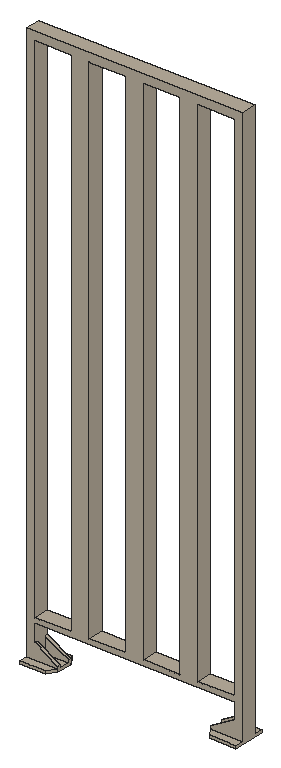
Revit family "Ограждение MB-15", category Обобщенные модели, Revit 2019
Family settings
  Может служить основой для арматурных стержней = Нет
  Размер круглого соединителя = Использовать диаметр
  Тип детали = Нормальный
  На основе рабочей плоскости = Нет
  Всегда вертикально = Да
  При загрузке вырезать с полостями = Нет
  Общий = Нет
  Точка расчета площади = Нет
Parameters
  Температура использования = "от -40°C до +55°C"
  Габаритные размеры = "820х120x2150"
  ADSK_Наименование краткое = "Ограждение MB-15"
  ADSK_Наименование = "Полноростовое ограждение MB-15"
  ADSK_Материал наименование = Сталь окрашенная RAL 1019
  ADSK_Масса_Текст = "21.5 кг"
  ADSK_Количество = 1
  ADSK_Завод-изготовитель = "PERCo"
  ADSK_Единица измерения = "компл."
  ADSK_URL страницы изделия = "https://www.perco.ru/products/polnorostovoe-ograzhdenie-mb-15.php"
Reference planes
  plane 1 "По центру (Вперед/Назад)": y = 0
  plane 2: z = 0
  plane 3 "По центру (Влево/Вправо)": x = 0
  plane 4: x = -410
  plane 5: x = 410
  plane 6: y = 60
  plane 7: y = -60
Forms (mm)
  Extrusion 1, solid, material "Сталь окрашенная RAL 1019" <- "ADSK_Материал наименование"
    sketch origin (0, 0, 0) x (1, 0, 0) y (0, 1, 0)
      loop
        line (-410, 30) -> (-410, -30) -> (410, -30) -> (410, 30) -> (-410, 30)
    from 2120 to 2150
  Extrusion 2, solid, material "Сталь окрашенная RAL 1019" <- "ADSK_Материал наименование"
    sketch origin (0, 0, 0) x (1, 0, 0) y (0, 1, 0)
      loop
        line (-410, 30) -> (-410, -30) -> (410, -30) -> (410, 30) -> (-410, 30)
    from 135 to 155
  Extrusion 3, solid, material "Сталь окрашенная RAL 1019" <- "ADSK_Материал наименование"
    sketch origin (0, 0, 0) x (1, 0, 0) y (0, 1, 0)
      loop
        line (-410, 30) -> (-410, -30) -> (-380, -30) -> (-380, 30) -> (-410, 30)
      loop
        line (410, 30) -> (380, 30) -> (380, -30) -> (410, -30) -> (410, 30)
    from 10 to 2120
  Extrusion 4, solid, material "Сталь окрашенная RAL 1019" <- "ADSK_Материал наименование"
    sketch origin (0, 0, 0) x (1, 0, 0) y (0, 1, 0)
      loop
        line (-410, 0) -> (-410, -60) -> (-311.006, -60) -> (-290, -30) -> (-290, 30) -> (-311.006, 60) -> (-410, 60) -> (-410, 0)
      loop
        line (410, 0) -> (410, 60) -> (311.006, 60) -> (290, 30) -> (290, -30) -> (311.006, -60) -> (410, -60) -> (410, 0)
    from 0 to 10
  Extrusion 5, solid, material "Сталь окрашенная RAL 1019" <- "ADSK_Материал наименование"
    sketch origin (0, 0, 0) x (1, 0, 0) y (0, 0, 1)
      loop
        line (-290, 10) -> (-290, 20) -> (-380, 71.962) -> (-380, 10) -> (-290, 10)
    from -30 to -20
  Extrusion 6, solid, material "Сталь окрашенная RAL 1019" <- "ADSK_Материал наименование"
    sketch origin (0, 0, 0) x (1, 0, 0) y (0, 0, 1)
      loop
        line (-290, 10) -> (-290, 20) -> (-380, 71.962) -> (-380, 10) -> (-290, 10)
    from 30 to 20
  Extrusion 7, solid, material "Сталь окрашенная RAL 1019" <- "ADSK_Материал наименование"
    sketch origin (0, 0, 0) x (-1, 0, 0) y (0, 0, -1)
      loop
        line (-290, -10) -> (-380, -10) -> (-380, -71.962) -> (-290, -20) -> (-290, -10)
    from -30 to -20
  Extrusion 8, solid, material "Сталь окрашенная RAL 1019" <- "ADSK_Материал наименование"
    sketch origin (0, 0, 0) x (-1, 0, 0) y (0, 0, -1)
      loop
        line (-290, -10) -> (-380, -10) -> (-380, -71.962) -> (-290, -20) -> (-290, -10)
    from 30 to 20
  Extrusion 9, solid, material "Сталь окрашенная RAL 1019" <- "ADSK_Материал наименование"
    sketch origin (0, 0, 0) x (1, 0, 0) y (0, 0, 1)
      loop
        line (-240, 155) -> (-173, 155) -> (-173, 2120) -> (-240, 2120) -> (-240, 155)
      loop
        line (240, 155) -> (240, 2120) -> (173, 2120) -> (173, 155) -> (240, 155)
      loop
        line (33.5, 155) -> (33.5, 2120) -> (-33.5, 2120) -> (-33.5, 155) -> (33.5, 155)
    from -30 to 30
Cuts and joins
  joined: Extrusion 1, Extrusion 2, Extrusion 3, Extrusion 4, Extrusion 5, Extrusion 6, Extrusion 7, Extrusion 8, Extrusion 9
Dimensions and locks
  cut or joined group 1 (Extrusion 1, Extrusion 2, Extrusion 3, Extrusion 4, Extrusion 5, Extrusion 6, Extrusion 7, Extrusion 8, Extrusion 9) to cut or joined group 1 = 820 mm
  cut or joined group 1 to cut or joined group 1 = 120 mm
  cut or joined group 1 to level = 2150 mm
  aligned and locked: level to plane 2
